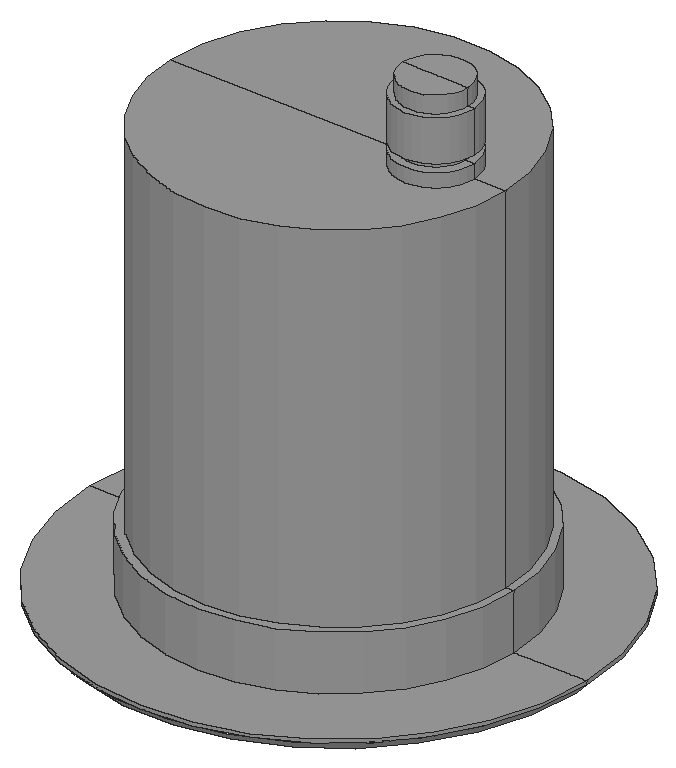
Revit family "Alcon-14078-ADJ-4 -Revit-Family", category Lighting Fixtures, host Ceiling, Revit 2021
Family settings
  Host = Ceiling
  Round Connector Dimension = Use Diameter
  Part Type = Normal
  OmniClass Number = 23.80.70.11
  OmniClass Title = Luminaries for Internal Lighting
  Always vertical = Yes
  Cut with Voids When Loaded = No
  Light Source = Yes
  Shared = No
  Room Calculation Point = No
Parameters (values of type "Type 1")
  Wattage = 9.2903 W
  built-in parameter 1150110 = 1 (stored number, unit not read)
  built-in parameter 1114217 = 1 (stored number, unit not read)
  Tilt Angle = 60.00°
  built-in parameter 1150109 = 1 (stored number, unit not read)
  built-in parameter 1150134 = (empty or 0)
  built-in parameter 1150113 = 1 (stored number, unit not read)
  built-in parameter 1010507 = 1.309 (stored number, unit not read)
  built-in parameter 1010506 = 0.5236 (stored number, unit not read)
  Product Identity = "Alcon Lighting 14078-ADJ-4"
  Manufacturer = "Alcon Light"
  Lumens = 1380 lm
  built-in parameter 1150115 = 1 (stored number, unit not read)
  built-in parameter 1150105 = 4614.1 (stored number, unit not read)
  Link To Product Page = "https://www.alconlighting.com/14078-adj-4.html"
  LightSource = light
  Light Source Symbol Length = 10' - 0"
  built-in parameter 1150137 = (empty or 0)
  built-in parameter 1150139 = (empty or 0)
  Lens = Default
  built-in parameter 1150112 = 1 (stored number, unit not read)
  built-in parameter 1150114 = 1 (stored number, unit not read)
  built-in parameter 1150132 = 2
  built-in parameter 1150102 = (empty or 0)
  built-in parameter 1150138 = (empty or 0)
  built-in parameter 1150107 = 3000 (stored number, unit not read)
  built-in parameter 1150106 = 46.141 (stored number, unit not read)
  Housing = Default
  built-in parameter 1150104 = 13.8 (stored number, unit not read)
  Dimming Lamp Color Temperature Shift = <None>
  Default Elevation = 0' - 0"
  Color Filter = 16777215
  built-in parameter 1114218 = 1 (stored number, unit not read)
  built-in parameter 1150133 = 10 (stored number, unit not read)
Reference planes (in)
  plane 1 "Light Source Axis (F/B)": y = 0
  plane 2: z = 0
  plane 3 "Light Source Axis (L/R)": x = 0
  plane 4 "Ceiling": z = 157.73031
  plane 5 "Light Source Elevation": z = 159.49205
Forms (in)
  Extrusion 1, void
    sketch origin (0, 0, 157.73031) x (0, 1, 0) y (-1, 0, 0)
      loop
        circle (0, 0) r 2.5625
    from -0.25135 to 0.56434
  Revolve 2, solid, material "light" <- "LightSource"
    sketch origin (-0.58886, 0, -6.04482) x (1, 0, 0) y (0, 0, 1)
      loop
        line (0.02348, 165.58245) -> (-0.00548, 165.64611) -> (-0.27631, 165.52292) -> (-0.24735, 165.45926) -> (0.02348, 165.58245)
      axis (0.02348, 165.58245) -> (-0.00548, 165.64611)
    angle from 0 to 360
  Revolve 3, solid, material "Default" <- "Housing"
    sketch origin (-40.7589, 0, 309.32064) x (0.965926, 0, 0.258819) y (-0.258819, 0, 0.965926)
      loop
        line (-2.272, -156.47924) -> (-1.54727, -156.67343) -> (-1.34803, -156.47419) -> (-1.22758, -156.02468) -> (-1.46906, -155.95997) -> (-1.61513, -156.50508) -> (-2.33957, -156.31097) -> (-2.34895, -156.34596) -> (-2.272, -156.47924)
      axis (0.28168, -156.42908) -> (0.09807, -157.1143)
    angle from 0 to 360
  Revolve 4, solid, material "Default" <- "Housing"
    sketch origin (-40.7589, 0, 6.19738) x (0.965926, 0, -0.258819) y (0.258819, 0, 0.965926)
      loop
        line (0.02479, 161.26426) -> (-0.18688, 162.05423) -> (-0.50971, 161.96772) -> (-0.46529, 161.80192) -> (-0.52746, 161.78526) -> (-0.4169, 161.37263) -> (-0.32834, 161.39636) -> (-0.30765, 161.31911) -> (-0.3962, 161.29538) -> (-0.36022, 161.16109) -> (0.02479, 161.26426)
      axis (0.02479, 161.26426) -> (-0.18688, 162.05423)
    angle from 0 to 360
  Revolve 5, solid, material "Default" <- "Housing"
    sketch origin (-40.7589, 0, 309.32064) x (0.965926, 0, 0.258819) y (-0.258819, 0, 0.965926)
      loop
        line (-0.31805, -156.47573) -> (-0.54532, -155.11162) -> (0.04577, -155.01314) -> (0.0353, -154.95029) -> (-0.55695, -155.04896)
        arc (-0.55695, -155.04896) -> (-0.66356, -155.25615) -> (-0.67482, -155.48888) r 0.54999
        line (-0.67482, -155.48888) -> (-0.573, -156.10004) -> (-0.63561, -156.11047) -> (-0.56782, -156.51734) -> (-0.31805, -156.47573)
      axis (0.0353, -154.95029) -> (0.27304, -156.37725)
    angle from 0 to 360
  Extrusion 6, solid
    sketch origin (0, 0, 0) x (1, 0, 0) y (0, 0, 1)
      loop
        line (0.20402, 160.11413) -> (-0.20402, 160.11413) -> (-0.20402, 158.54644)
        arc (-0.20402, 158.54644) -> (0, 158.34242) -> (0.20402, 158.54644) r 0.20402
        line (0.20402, 158.54644) -> (0.20402, 160.11413)
    from 0.86257 to 0.95416
  Extrusion 7, solid
    sketch origin (0, 0, 0) x (1, 0, 0) y (0, 0, -1)
      loop
        line (0.20402, -160.11413) -> (0.20402, -158.54644)
        arc (0.20402, -158.54644) -> (0, -158.34242) -> (-0.20402, -158.54644) r 0.20402
        line (-0.20402, -158.54644) -> (-0.20402, -160.11413) -> (0.20402, -160.11413)
    from 0.86257 to 0.95416
  Revolve 8, solid, material "Default" <- "Lens"
    sketch origin (-40.7589, 0, 309.32064) x (0.965926, 0, 0.258819) y (-0.258819, 0, 0.965926)
      loop
        line (0.25239, -156.25331) -> (-0.3387, -156.35179) -> (-0.32409, -156.43953) -> (-0.07701, -156.39836) -> (-0.08254, -156.36517) -> (0.26148, -156.30785) -> (0.25239, -156.25331)
      axis (0.25239, -156.25331) -> (0.26701, -156.34104)
    angle from 0 to 360
  Revolve 9, solid, material "Default" <- "Housing"
    sketch origin (-40.7589, 0, 6.38445) x (0.965926, 0, -0.258819) y (0.258819, 0, 0.965926)
      loop
        line (-1.61397, 156.83656) -> (-1.48874, 156.87012) -> (-1.95965, 158.6276) -> (-0.41809, 159.04066) -> (-0.89591, 160.82389) -> (-2.5627, 160.37727) -> (-1.61397, 156.83656)
      axis (0.05282, 157.28318) -> (-0.89591, 160.82389)
    angle from 0 to 360
  Extrusion 10, solid, material "Default" <- "Housing"
    sketch origin (0, 0, 157.73031) x (0, 1, 0) y (-1, 0, 0)
      loop
        circle (0, 2.13309) r 0.06592
      loop
        circle (0, -2.13309) r 0.06592
    from -0.19498 to -0.14504
Dimensions and locks (in)
  equal spacing: host sketch curve, plane 3 "Light Source Axis (L/R)", host sketch curve
  equal spacing: host sketch curve, plane 1 "Light Source Axis (F/B)", host sketch curve
  host sketch curve to host sketch curve = 13' - 1.48031"  (x2)
  host ceiling to plane 4 "Ceiling" = 0' - 0"
  aligned and locked: plane 1 "Light Source Axis (F/B)" to imposter light
